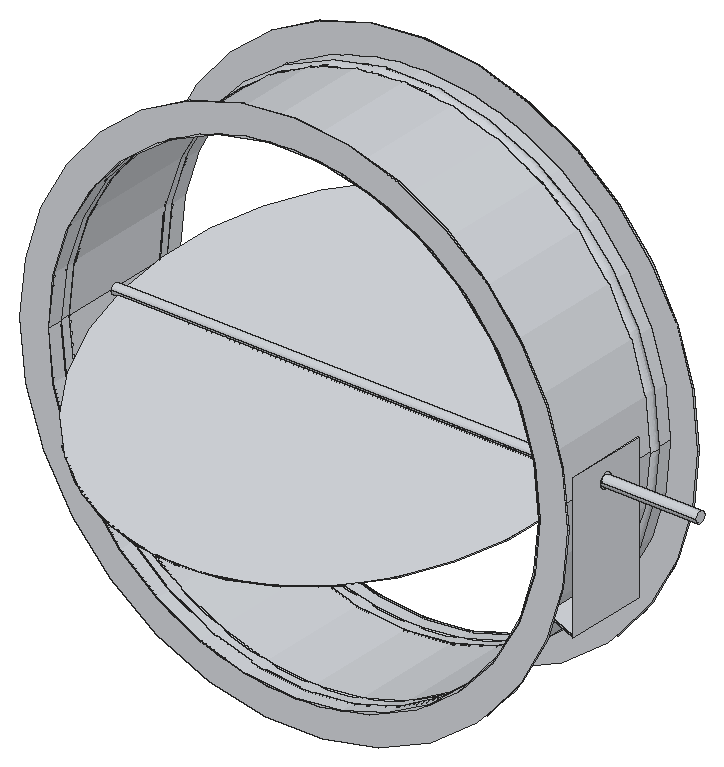
Revit family "RI-F", category Mechanical Equipment, Revit 2015
Parameters
  Void Radius [instance] = Radius - 0' 0 5/256"  # 0' - 11 251/256"
  URL = "https://unitedenertech.com/catalog/pdf/D_1%20Model%20RI-F.pdf"
  Type Comments = "Max. Size is (66\" Diameter)"
  Radius [instance] = 0.5 * Exact Diameter  # 1' - 0"
  Model = "RI-F"
  Manufacturer = "United Enertech Corporation"
  Keynote = "Shaft options set to visibility parameters, correct shaft and size will appear when loaded into project."
  Inner Radius [instance] = Radius - 0' 0 9/256"  # 0' - 11 247/256"
  Flange O.D. [instance] = Radius + 0' 1 3/8"  # 1' - 1 3/8"
  Exact Diameter = 2' - 0"
  Description = "Round Flanged Control Damper"
  Depth = 0' - 8"
  Blade Radius [instance] = Inner Radius - 0' 0 3/8"  # 0' - 11 151/256"
  3/4" Shaft Visibility [instance] = if(Exact Diameter > 2' 8 115/128", 2 > 1, 1 > 2)  # no
  1/2" Shaft Visibility [instance] = if(Exact Diameter < 2' 8 115/128", 2 > 1, 1 > 2)  # yes
Reference planes (in)
  plane 1 "Center (Front/Back)": y = 0
  plane 2: z = 0
  plane 3 "Center (Left/Right)": x = 0
  plane 4: x = -12
  plane 5: x = 12
  plane 6: y = 8
  plane 7: y = 7
  plane 8: y = 1
  plane 9: x = -12.6
  plane 10: x = -10.1
  plane 11: x = 10.1
  plane 12: x = 16.64655
  plane 13: x = 12.0359
  plane 14: y = 6
  plane 15: y = 2
  plane 16: x = -13.375
  plane 17: x = 13.375
  plane 18: y = 0.03516
  plane 19: y = 7.96484
Forms (in)
  Extrusion 1, solid
    sketch origin (0, 0, 0) x (1, 0, 0) y (0, 0, 1)
      loop
        circle (0, 0) r 12
      loop
        circle (0, 0) r 11.96484
    from 0 to -8
  Sweep 2, solid
    path origin (0, 1, 0) x (1, 0, 0) y (0, 0, 1)
      loop
        circle (0, 0) r 12
    profile "Bead Sweep : Bead Sweep" origin (0, 1, 12) x (0, 0, -1) y (0, -1, 0)
      loop
        arc (0, 0.279) -> (-0.12, 0) -> (0, -0.279) r 0.38434
        line (0, -0.279) -> (0, 0.279)
  Sweep 3, solid
    path origin (0, 7, 0) x (1, 0, 0) y (0, 0, 1)
      loop
        circle (0, 0) r 12
    profile "Bead Sweep : Bead Sweep" origin (0, 7, 12) x (0, 0, -1) y (0, -1, 0)
      loop
        arc (0, 0.279) -> (-0.12, 0) -> (0, -0.279) r 0.38434
        line (0, -0.279) -> (0, 0.279)
  Sweep 4, void
    path origin (0, 1, 0) x (1, 0, 0) y (0, 0, 1)
      loop
        circle (0, 0) r 11.98047
    profile "Bead Void Sweep : Bead Void Sweep" origin (0, 1, 11.98047) x (0, 0, -1) y (0, -1, 0)
      loop
        arc (0.15416, 0.3555) -> (-0.0841, 0) -> (0.15416, -0.3555) r 0.38434
        line (0.15416, -0.3555) -> (0.15416, 0.3555)
  Sweep 5, void
    path origin (0, 7, 0) x (1, 0, 0) y (0, 0, 1)
      loop
        circle (0, 0) r 11.98047
    profile "Bead Void Sweep : Bead Void Sweep" origin (0, 7, 11.98047) x (0, 0, -1) y (0, -1, 0)
      loop
        arc (0.15416, 0.3555) -> (-0.0841, 0) -> (0.15416, -0.3555) r 0.38434
        line (0.15416, -0.3555) -> (0.15416, 0.3555)
  Extrusion 6, solid
    sketch origin (0, 2.96472, 3.8637) x (1, 0, 0) y (0, 0.965926, 0.258819)
      loop
        circle (0, 0) r 11.58984
    from -4.01795 to -3.98205
  Extrusion 7, solid, visible <- "1/2" Shaft Visibility"
    sketch origin (0, 0, 0) x (0, 1, 0) y (0, 0, 1)
      loop
        circle (4, 0) r 0.25
    from -12.6 to 16.64655
  Extrusion 8, solid, visible <- "3/4" Shaft Visibility"
    sketch origin (0, 0, 0) x (0, 1, 0) y (0, 0, 1)
      loop
        circle (4, 0) r 0.375
    from -12.6 to 16.64655
  Extrusion 9, solid
    sketch origin (0, 22.75673, 12.99985) x (0, 1, 0) y (0, 0, 1)
      loop
        line (-16.75673, -11.99985) -> (-20.75673, -11.99985) -> (-20.75673, -18.99985) -> (-16.75673, -18.99985) -> (-16.75673, -11.99985)
      loop
        circle (-18.75673, -12.99985) r 0.375
    from 12 to 12.0359
  Extrusion 10, solid
    sketch origin (0, 0, 0) x (1, 0, 0) y (0, 0, 1)
      loop
        line (12, -6) -> (12, -5.95269) -> (0, -0.55027) -> (0, -0.59758) -> (12, -6)
    from -6 to -2
  Extrusion 11, void
    sketch origin (-47.63577, 0, 15.85201) x (1, 0, 0) y (0, 0, 1)
      loop
        circle (47.63577, -15.85201) r 12
    from -13.1442 to 3.21369
  Extrusion 12, solid
    sketch origin (0, 0, 0) x (1, 0, 0) y (0, 0, 1)
      loop
        circle (0, 0) r 13.375
      loop
        circle (0, 0) r 12
    from -0.03516 to 0
  Extrusion 13, solid
    sketch origin (0, 0, 0) x (1, 0, 0) y (0, 0, 1)
      loop
        circle (0, 0) r 13.375
      loop
        circle (0, 0) r 12
    from -8 to -7.96484
Cuts and joins
  Sweep 4, Sweep 5 cuts Extrusion 1
  Sweep 5 cuts Sweep 2
  Extrusion 11 cuts Extrusion 10
Dimensions and locks (in)
  equal spacing: plane 4, plane 3 "Center (Left/Right)", plane 5
  "Exact Diameter": plane 4 to plane 5
  "Depth": plane 6 to plane 1 "Center (Front/Back)"
  locked: plane 8 to plane 1 "Center (Front/Back)" at 1
  locked: plane 6 to plane 7 at 1
  locked: plane 9 to plane 4 at 0.6
  locked: plane 4 to plane 10 at 1.9
  locked: plane 11 to plane 5 at 1.9
  locked: plane 5 to plane 12 at 4.64655
  locked: plane 5 to plane 13 at 0.0359
  locked: plane 16 to plane 4 at 1.375
  locked: plane 5 to plane 17 at 1.375
  locked: plane 1 "Center (Front/Back)" to plane 18 at 0.03516
  locked: plane 6 to plane 19 at 0.03516
  "Inner Radius": radius of Extrusion 1 sketch curve
  "Radius": radius of Extrusion 1 sketch curve
  "Radius": radius of Sweep 2 sketch curve
  "Radius": radius of Sweep 3 sketch curve
  "Void Radius": radius of Sweep 4 sketch curve
  "Void Radius": radius of Sweep 5 sketch curve
  "Blade Radius": radius of Extrusion 6 sketch curve
  "Radius": radius of Extrusion 11 sketch curve
  "Radius": radius of Extrusion 12 sketch curve
  "Flange O.D.": radius of Extrusion 12 sketch curve
  "Radius": radius of Extrusion 13 sketch curve
  "Flange O.D.": radius of Extrusion 13 sketch curve
  aligned and locked: level to plane 2
  aligned and locked: plane 6 to Extrusion 1
  aligned and locked: plane 1 "Center (Front/Back)" to Extrusion 1
  aligned and locked: plane 9 to Extrusion 7
  aligned and locked: Extrusion 7 to plane 12
  aligned and locked: plane 9 to Extrusion 8
  aligned and locked: Extrusion 8 to plane 12
  aligned and locked: plane 13 to Extrusion 9
  aligned and locked: Extrusion 9 to plane 5
  aligned and locked: plane 5 to Extrusion 10
  aligned and locked: Extrusion 9 to Extrusion 10
  aligned and locked: Extrusion 10 to Extrusion 9
  aligned and locked: Extrusion 13 to plane 19
  aligned and locked: plane 6 to Extrusion 13
  aligned and locked: plane 18 to Extrusion 12
  aligned and locked: plane 1 "Center (Front/Back)" to Extrusion 12
Automatic sketch dimensions
  Extrusion 1 sketch curve to Extrusion 1 sketch curve = 0' - 0"  (x2)
  Extrusion 1 sketch curve to level = 0' - 0"
  Extrusion 1 sketch curve to plane 3 "Center (Left/Right)" = 0' - 0"
  Sweep 2 sketch curve to level = 0' - 0"
  Sweep 2 sketch curve to plane 3 "Center (Left/Right)" = 0' - 0"
  Sweep 3 sketch curve to level = 0' - 0"
  Sweep 3 sketch curve to plane 3 "Center (Left/Right)" = 0' - 0"
  Sweep 4 sketch curve to level = 0' - 0"
  Sweep 4 sketch curve to plane 3 "Center (Left/Right)" = 0' - 0"
  Sweep 5 sketch curve to level = 0' - 0"
  Sweep 5 sketch curve to plane 3 "Center (Left/Right)" = 0' - 0"
  Extrusion 6 sketch curve to plane 3 "Center (Left/Right)" = 0' - 0"
  Extrusion 7 sketch curve to level = 0' - 0"
  plane 14 to Extrusion 7 sketch curve = 0' - 2"
  Extrusion 8 sketch curve to level = 0' - 0"
  plane 14 to Extrusion 8 sketch curve = 0' - 2"
  Extrusion 9 sketch curve to plane 15 = 0' - 0"
  Extrusion 9 sketch curve to level = 0' - 0"
  Extrusion 9 sketch curve to plane 14 = 0' - 0"
  plane 14 to Extrusion 9 sketch curve = 0' - 2"
  Extrusion 9 sketch curve to level = 0' - 6"
  level to Extrusion 9 sketch curve = 0' - 1"
  Extrusion 10 sketch curve to plane 3 "Center (Left/Right)" = 0' - 0"
  Extrusion 10 sketch curve to plane 5 = 0' - 0"
  Extrusion 10 sketch curve to level = 0' - 6"
  Extrusion 10 sketch curve to Extrusion 10 sketch curve = 0' - 0.04731"  (x2)
  Extrusion 10 sketch curve to level = 0' - 0.59758"
  Extrusion 11 sketch curve to level = 0' - 0"
  Extrusion 11 sketch curve to plane 3 "Center (Left/Right)" = 0' - 0"
  Extrusion 12 sketch curve to Extrusion 12 sketch curve = 0' - 0"  (x2)
  Extrusion 12 sketch curve to level = 0' - 0"
  Extrusion 12 sketch curve to plane 3 "Center (Left/Right)" = 0' - 0"
  Extrusion 13 sketch curve to Extrusion 13 sketch curve = 0' - 0"  (x2)
  Extrusion 13 sketch curve to level = 0' - 0"
  Extrusion 13 sketch curve to plane 3 "Center (Left/Right)" = 0' - 0"
  radius of Extrusion 7 sketch curve = 0' - 0 1/4"
  radius of Extrusion 8 sketch curve = 0' - 0 3/8"
  radius of Extrusion 9 sketch curve = 0' - 0 3/8"
